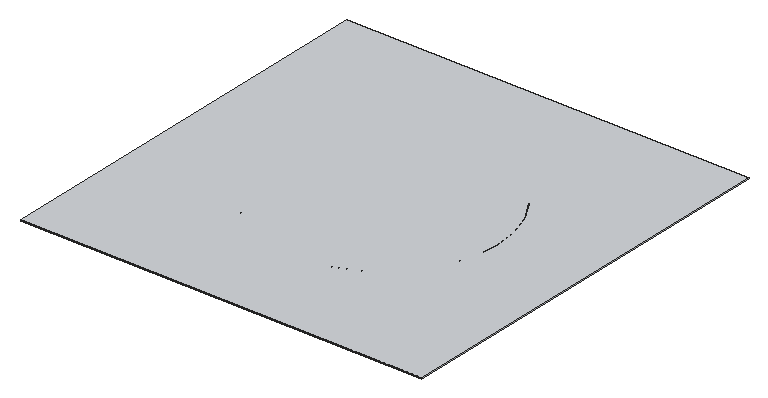
Revit family "PN 280", category Lighting Fixtures, host Face, Revit 2019
Family settings
  Host = Face
  Round Connector Dimension = Use Diameter
  Part Type = Normal
  OmniClass Number = 23.80.70.11
  OmniClass Title = Luminaries for Internal Lighting
  Cut with Voids When Loaded = No
  Light Source = Yes
  Shared = No
  Room Calculation Point = No
Parameters (values of type "PN 280 30W 3000K CRI85 BLACK")
  Wattage = 25.582 W
  built-in parameter 1150110 = 1 (stored number, unit not read)
  URL = "https://www.aria.lighting/prodotti/esterni/luci-da-plafone-per-esterni/pn-280"
  Type Image = PN280_BLACK.jpg
  Type Comments = "Ceiling outdoor light"
  Tilt Angle = 90.00°
  Photometric Web File = "1392 _ PN 280 30W.IES"
  Model = "139"
  Manufacturer = "ARIA"
  Larghezza = 280 mm
  Lamp = "LED 3800lm 30W 3000K CRI85"
  built-in parameter 1114217 = 1 (stored number, unit not read)
  built-in parameter 1150109 = 1 (stored number, unit not read)
  Wattage Comments = "30"
  built-in parameter 1150134 = (empty or 0)
  built-in parameter 1150113 = 1 (stored number, unit not read)
  Lumens = 3800 lm
  built-in parameter 1150115 = 1 (stored number, unit not read)
  built-in parameter 1150105 = 1919.3 (stored number, unit not read)
  built-in parameter 1150137 = (empty or 0)
  built-in parameter 1150139 = (empty or 0)
  built-in parameter 1150112 = 1 (stored number, unit not read)
  built-in parameter 1150114 = 1 (stored number, unit not read)
  built-in parameter 1150132 = 2
  built-in parameter 1150102 = (empty or 0)
  built-in parameter 1150138 = (empty or 0)
  built-in parameter 1150107 = 3000 (stored number, unit not read)
  built-in parameter 1150106 = 19.193 (stored number, unit not read)
  Glass material = White Traslucido
  built-in parameter 1150104 = 13.8 (stored number, unit not read)
  Effective Intensity (lm) = 3230
  Dimming Lamp Color Temperature Shift = <None>
  Description = "PN 280 è una plafoniera per esterni progettata per integrare al meglio la tecnologia LED COB di ultima generazione.\r\nSi caratterizza per spessore ridotto e profilo compatto, ed è dotata di un innovativo sistema di dissipazione termica passiva. Applicabile a parete o a plafone, con o senza schermatura antiabbagliante, è ideale per risolvere molteplici esigenze di illuminazione anche in ambienti interni, come atri, ingressi, balconi, portici, aree residenziali e spazi a verde in genere.\r\nLo schermo frontale, elemento estetico oltre che protettivo, è in materiale termoplastico trasparente ad alta resistenza UV protetto, si sovrappone alla mascherina testurizzata in policarbonato.\r\nAlto grado di protezione IP65."
  Default Elevation [instance] = 0 mm
  Color Filter = 16777215
  Codice = "139201"
  CRI L'indice di Resa Cromatica = "85"
  Body material = Black Powder Coated Aluminium
  Beam angle (°) = "120°"
  built-in parameter 1114218 = 1 (stored number, unit not read)
  built-in parameter 1150133 = 10 (stored number, unit not read)
Types (6, lengths in mm): name | Wattage | Type Image | Photometric Web File | Lamp | Wattage Comments | Lumens | built-in parameter 1150105 | built-in parameter 1150106 | Effective Intensity (lm) | Codice | Body material
  PN 280 18W 3000K CRI85 WHITE | 16.1571 W | PN280_WHITE.jpg | "1390 _ PN 280 LED 18W 2400 lm con diff.IES" | "LED 2400lm 18W 3000K CRI85" | "18" | 2400 lm | 190.99 (stored number, unit not read) | 1.9099 (stored number, unit not read) | 2040 | "139004" | White Powder Coated Aluminium
  PN 280 18W 3000K CRI85 BLACK | 16.1571 W | PN280_BLACK.jpg | "1390 _ PN 280 LED 18W 2400 lm con diff.IES" | "LED 2400lm 18W 3000K CRI85" | "18" | 2400 lm | 190.99 (stored number, unit not read) | 1.9099 (stored number, unit not read) | 2040 | "139001" | Black Powder Coated Aluminium
  PN 280 18W 3000K CRI85 METAL | 16.1571 W | PN280_METAL.jpg | "1390 _ PN 280 LED 18W 2400 lm con diff.IES" | "LED 2400lm 18W 3000K CRI85" | "18" | 2400 lm | 190.99 (stored number, unit not read) | 1.9099 (stored number, unit not read) | 2040 | "139003" | Aluminum
  PN 280 30W 3000K CRI85 WHITE | 25.582 W | PN280_WHITE.jpg | "1392 _ PN 280 30W.IES" | "LED 3800lm 30W 3000K CRI85" | "30" | 3800 lm | 1919.3 (stored number, unit not read) | 19.193 (stored number, unit not read) | 3230 | "139204" | White Powder Coated Aluminium
  PN 280 30W 3000K CRI85 BLACK | 25.582 W | PN280_BLACK.jpg | "1392 _ PN 280 30W.IES" | "LED 3800lm 30W 3000K CRI85" | "30" | 3800 lm | 1919.3 (stored number, unit not read) | 19.193 (stored number, unit not read) | 3230 | "139201" | Black Powder Coated Aluminium
  PN 280 30W 3000K CRI85 METAL | 25.582 W | PN280_METAL.jpg | "1392 _ PN 280 30W.IES" | "LED 3800lm 30W 3000K CRI85" | "30" | 3800 lm | 1919.3 (stored number, unit not read) | 19.193 (stored number, unit not read) | 3230 | "139203" | Aluminum
Reference planes
  plane 1 "Light Source Axis (F/B)": y = 0
  plane 2: z = -100
  plane 3 "Light Source Axis (L/R)": x = 0
  plane 4 "Ceiling": z = 0
  plane 5 "Light Source Elevation": z = -35.362
  plane 6: x = -140
  plane 7: x = 140
  plane 8: z = 0
Forms (mm)
  Extrusion 1, solid
    sketch origin (0, 0, 0) x (1, 0, 0) y (0, 1, 0)
      loop
        line (-240, -241.709) -> (239.296, -241.709) -> (239.296, 244.908) -> (-240, 244.908) -> (-240, -241.709)
    from 0 to 0.778
  Revolve 2, solid, material "Black Powder Coated Aluminium" <- "Body material"
    sketch origin (0, 0, 0) x (1, 0, 0) y (0, 0, 1)
      loop
        line (-138.8, -9.713) -> (-139.907, -35.362) -> (-136.304, -35.362) -> (-135.506, -18.453) -> (0, -18.453) -> (0, 0) -> (-135.845, 0) -> (-136.304, -9.713) -> (-138.8, -9.713)
      axis (0, 0) -> (0, -35.362)
    angle from 0 to 360
  Revolve 3, solid, material "Aluminum(1)"
    sketch origin (0, 0, 0) x (1, 0, 0) y (0, 0, 1)
      loop
        line (0, -34.446) -> (-53.307, -34.446) -> (-53.307, -35.364) -> (0, -35.364) -> (0, -34.446)
      axis (0, -34.446) -> (0, -35.446)
    angle from 0 to 360
  Revolve 4, solid, material "White Powder Coated Aluminium"
    sketch origin (0, 0, 0) x (1, 0, 0) y (0, 0, 1)
      loop
        line (-136.251, -34.446) -> (-136.307, -35.364) -> (-53.304, -35.364) -> (-53.304, -34.446) -> (-136.251, -34.446)
      axis (0, -34.446) -> (0, -35.446)
    angle from 0 to 360
Dimensions and locks
  plane 4 "Ceiling" to Extrusion 1 = 0 mm
  equal spacing: plane 7, plane 3 "Light Source Axis (L/R)", plane 6
  "Larghezza": plane 7 to plane 6
  aligned and locked: plane 3 "Light Source Axis (L/R)" to imposter light
  aligned and locked: plane 1 "Light Source Axis (F/B)" to imposter light
  aligned and locked: plane 5 "Light Source Elevation" to imposter light
Automatic sketch dimensions
  Extrusion 1 sketch curve to Extrusion 1 sketch curve = 479.296 mm
  Extrusion 1 sketch curve to Extrusion 1 sketch curve = 486.617 mm
  Revolve 2 sketch curve to plane 5 "Light Source Elevation" = 0 mm
  Revolve 2 sketch curve to plane 4 "Ceiling" = 0 mm
  Revolve 2 sketch curve to plane 3 "Light Source Axis (L/R)" = 0 mm  (x2)
  plane 6 to Revolve 2 sketch curve = 4.494 mm
  plane 6 to Revolve 2 sketch curve = 4.155 mm
  Revolve 2 sketch curve to Revolve 2 sketch curve = 0.798 mm
  plane 6 to Revolve 2 sketch curve = 3.696 mm
  plane 6 to Revolve 2 sketch curve = 1.2 mm
  plane 6 to Revolve 2 sketch curve = 0.093 mm
  plane 4 "Ceiling" to Revolve 2 sketch curve = 18.453 mm
  Revolve 2 sketch curve to Revolve 2 sketch curve = 8.74 mm
  plane 5 "Light Source Elevation" to Revolve 2 sketch curve = 28.613 mm
  Revolve 2 sketch curve to Revolve 2 sketch curve = 11.22 mm
  Revolve 4 sketch curve to plane 3 "Light Source Axis (L/R)" = 0 mm
  Revolve 4 sketch curve to plane 5 "Light Source Elevation" = 0.917 mm
  Revolve 4 sketch curve to plane 3 "Light Source Axis (L/R)" = 53.304 mm
  plane 6 to Revolve 4 sketch curve = 3.749 mm
  plane 5 "Light Source Elevation" to Revolve 4 sketch curve = 0.001 mm
  Revolve 4 sketch curve to Revolve 4 sketch curve = 0.055 mm
  level to Revolve 4 sketch curve = 32.138 mm
  Revolve 4 sketch curve to plane 4 "Ceiling" = 15 mm
  Revolve 3 sketch curve to plane 3 "Light Source Axis (L/R)" = 0 mm  (x2)
  Revolve 3 sketch curve to plane 5 "Light Source Elevation" = 0.917 mm
  Revolve 3 sketch curve to plane 3 "Light Source Axis (L/R)" = 53.307 mm
  plane 5 "Light Source Elevation" to Revolve 3 sketch curve = 0.001 mm
  level to Revolve 3 sketch curve = 32.138 mm
  Revolve 3 sketch curve to plane 4 "Ceiling" = 15 mm
